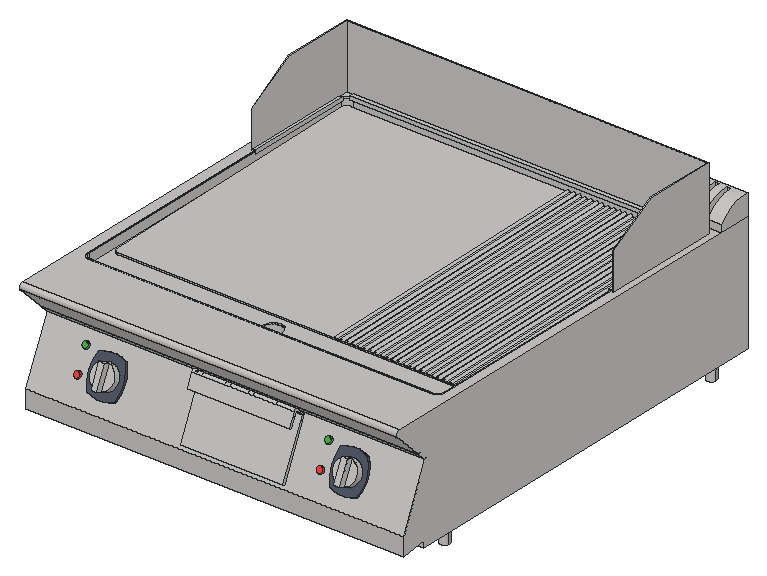
Revit family "QF_ELECTROLUXPROFESSIONAL_391074_E9FTEHCP00", category Specialty Equipment, Revit 2018
Family settings
  Round Connector Dimension = Use Diameter
  Part Type = Normal
  Work Plane-Based = No
  Always vertical = Yes
  Cut with Voids When Loaded = No
  Shared = No
  Room Calculation Point = No
Parameters
  Width = 800 mm  # constant formula
  Weight in Pounds = 105  # constant formula
  Watts = 15000 VA  # 15000 W
  Volts = 400 V  # constant formula
  URL Cutsheet = "www.electrolux.com"
  URL = "www.electrolux.com"
  Type Mark [instance] = ""
  Status [instance] = ""
  Specification by User [instance] = ""
  Specification by Manufacturer = ""
  Show Logo [instance] = yes
  Show Clearance [instance] = yes
  Serial Number = ""
  Seismic Rating = ""
  SMACNA No = ""
  Revision Code [instance] = ""
  Phase = 3
  Omniclass Number and Title = ""
  Number of Poles [instance] = 1
  NAFEM Spec ID Number = ""
  Model = "391074"
  Min Ckt Ampacity = 0 A
  Max Overcurrent Protection = 0 A
  Masterspec = ""
  Manufacturer = "ELECTROLUX"
  Item Number [instance] = ""
  Installed By [instance] = ""
  Identify Quantity as Lot [instance] = yes
  HP = "20.1 HP"
  Furnished By [instance] = ""
  Foodservice Equipment Identifier [instance] = yes
  FL Amps = if(Phase = 3, Watts / (Volts * 1.73), Watts / Volts)  # 21.6763 A
  Electrical Remarks [instance] = "400 V/3N ph/50/60 Hz"  # constant formula
  Electric Connection Type [instance] = ""
  Elec Conn RI Height [instance] = 0 mm
  Elec Conn Connection Height [instance] = 0 mm
  Direct Waste Size = 0"
  Description = "900XP FULL MODULE ELECTRIC FRY TOP, 2/3 SMOOTH - 1/3 RIBBED SLOPED PLATE, CHROMIUM PLATED - 400 V"
  Depth = 930 mm  # constant formula
  Cycle [instance] = if([60 Hertz Option], 60 Hz, 50 Hz)  # 60 Hz
  Conn Plug = ""
  Conn Conduit = yes
  CSI MasterFormat = ""
  CSI Master Format = ""
  Apparent Power = if(Phase = 3, Volts * FL Amps * 1.73, Volts * FL Amps)  # 15000 VA
  60 Hertz Option [instance] = not([50 Hertz Option])  # yes
  50 Hertz Option [instance] = no
Reference planes
  plane 1 "BACK": y = 0
  plane 2: z = 0
  plane 3 "LEFT": x = 0
  plane 4 "RIGHT": x = 800
  plane 5 "FRONT": y = -930
  plane 6 "TOP": z = 275
  plane 7 "Center Y": x = 400
  plane 8 "Center X": y = -465
  plane 9: y = -1045
  plane 10: z = 24
  plane 11: z = 290
  plane 12: z = 410
  plane 13: x = 11
  plane 14: x = 789
  plane 15: x = 740
Forms (mm)
  Extrusion 1, solid, material "QF_Finishes_Stainless Steel"
    sketch origin (0, 0, 0) x (0, 1, 0) y (0, 0, 1)
      loop
        line (0, 275) -> (-922.686, 275)
        arc (-922.686, 275) -> (-929.443, 270.485) -> (-927.858, 262.514) r 7.314
        line (-927.858, 262.514) -> (-873.907, 208.563) -> (-865.773, 208.563) -> (-865.773, 206.447) -> (-871.79, 206.447) -> (-858.907, 193.563) -> (-850.773, 193.563) -> (-850.773, 191.447) -> (-856.79, 191.447) -> (-913.146, 69.003) -> (-913.146, 30.903) -> (-859.774, 36.513) -> (-859.774, 24) -> (0, 24) -> (0, 275)
    from 0 to 800
  Extrusion 2, solid, material "QF_Finishes_Stainless Steel"
    sketch origin (0, 0, 0) x (1, 0, 0) y (0, 1, 0)
      loop
        circle (11, -82) r 9.525
      loop
        circle (11, -790) r 9.525
      loop
        circle (789, -82) r 9.525
      loop
        circle (789, -790) r 9.525
    from 0 to 24
  Extrusion 3, solid, material "QF_Finishes_Stainless Steel"
    sketch origin (635, 190.152, 275) x (0, -1, 0) y (1, 0, 0)
      loop
        line (273.542, 147.97) -> (273.542, -617.97) -> (275.13, -617.97) -> (275.13, 147.97) -> (273.542, 147.97)
    from 0 to 135
  Extrusion 4, void
    sketch origin (0, 0, 275) x (0, -1, 0) y (1, 0, 0)
      loop
        arc (92.539, 37.03) -> (96.932, 26.423) -> (107.539, 22.03) r 15
        line (107.539, 22.03) -> (777.539, 22.03)
        arc (777.539, 22.03) -> (788.145, 26.423) -> (792.539, 37.03) r 15
        line (792.539, 37.03) -> (792.539, 762.97)
        arc (792.539, 762.97) -> (788.145, 773.577) -> (777.539, 777.97) r 15
        line (777.539, 777.97) -> (107.539, 777.97)
        arc (107.539, 777.97) -> (96.932, 773.577) -> (92.539, 762.97) r 15
        line (92.539, 762.97) -> (92.539, 37.03)
    from 0 to -21.588
  Sweep 5, solid, material "QF_Finishes_Stainless Steel"
    path origin (0, 0, 0) x (1, 0, 0) y (0, 1, 0)
      loop
        line (22.03, -107.539) -> (22.03, -777.539)
        arc (22.03, -777.539) -> (26.423, -788.145) -> (37.03, -792.539) r 15
        line (37.03, -792.539) -> (762.97, -792.539)
        arc (762.97, -792.539) -> (773.577, -788.145) -> (777.97, -777.539) r 15
        line (777.97, -777.539) -> (777.97, -107.539)
        arc (777.97, -107.539) -> (773.577, -96.932) -> (762.97, -92.539) r 15
        line (762.97, -92.539) -> (37.03, -92.539)
        arc (37.03, -92.539) -> (26.423, -96.932) -> (22.03, -107.539) r 15
    profile origin (22.03, -442.539, 0) x (1, 0, 0) y (0, 0, 1)
      loop
        line (0, 255) -> (1.588, 255) -> (1.588, 272.855)
        arc (1.588, 272.855) -> (1.147, 274.189) -> (0, 275) r 2.242
        line (0, 275) -> (0, 255)
  Extrusion 6, solid, material "QF_Finishes_Stainless Steel"
    sketch origin (0, 0, 0) x (1, 0, 0) y (0, 0, 1)
      loop
        line (17.03, 275.856) -> (23.926, 275.856) -> (23.926, 270.856) -> (25.514, 270.856) -> (25.514, 277.444) -> (17.03, 277.444) -> (17.03, 275.856)
      loop
        line (782.97, 275.856) -> (782.97, 277.444) -> (774.486, 277.444) -> (774.486, 270.856) -> (776.074, 270.856) -> (776.074, 275.856) -> (782.97, 275.856)
    from 105.541 to 335.39
  Extrusion 7, solid, material "QF_Finishes_Stainless Steel"
    sketch origin (0, 0, 0) x (0, 1, 0) y (0, 0, 1)
      loop
        line (-94.126, 270.856) -> (-94.126, 275.856) -> (-84.978, 275.856) -> (-84.978, 277.444) -> (-95.714, 277.444) -> (-95.714, 270.856) -> (-94.126, 270.856)
    from 32.03 to 767.97
  Extrusion 8, solid, material "QF_Finishes_Stainless Steel"
    sketch origin (0, -101.6, 24) x (-1, 0, 0) y (0, 1, 0)
      loop
        circle (-740, -482.4) r 6.35
    from 0 to 5
  Extrusion 9, solid, material "QF_Clearances", visible <- "Show Clearance", detail levels coarse
    sketch origin (0, 0, 0) x (1, 0, 0) y (0, 1, 0)
      loop
        line (0, 0) -> (800, 0) -> (800, -930) -> (900, -930) -> (900, 100) -> (-100, 100) -> (-100, -930) -> (0, -930) -> (0, 0)
    from 0 to 410
  Extrusion 10, solid, material "QF_Finishes_Stainless Steel"
    sketch origin (0, 0, 0) x (0, 1, 0) y (0, 0, 1)
      loop
        line (-792.539, 255) -> (-792.539, 253.413) -> (-92.539, 253.413) -> (-92.539, 255) -> (-792.539, 255)
    from 22.03 to 777.97
  Extrusion 11, solid, material "QF_Finishes_Stainless Steel"
    sketch origin (445, 0, 0) x (0, 1, 0) y (0, 0, 1)
      loop
        line (-858.205, 188.372) -> (-874.612, 204.778)
        arc (-874.612, 204.778) -> (-879.079, 206.181) -> (-882.783, 203.316) r 5.058
        line (-882.783, 203.316) -> (-895.445, 175.806) -> (-892.561, 174.479) -> (-879.899, 201.989)
        arc (-879.899, 201.989) -> (-878.52, 203.055) -> (-876.857, 202.533) r 1.883
        line (-876.857, 202.533) -> (-862.014, 187.69) -> (-912.848, 77.245) -> (-909.964, 75.918) -> (-858.205, 188.372)
    from -117.029 to 100
  Extrusion 12, solid, material "QF_Door-Drawer Clearances", visible <- "Show Clearance", detail levels coarse
    sketch origin (445, 0, 0) x (0, 1, 0) y (0, 0, 1)
      loop
        line (-1024.713, 174.479) -> (-1012.051, 201.989)
        arc (-1012.051, 201.989) -> (-1010.672, 203.055) -> (-1009.009, 202.533) r 1.883
        line (-1009.009, 202.533) -> (-994.166, 187.69) -> (-1045, 77.245) -> (-1042.116, 75.918) -> (-909.964, 75.918) -> (-858.205, 188.372) -> (-874.612, 204.778)
        arc (-874.612, 204.778) -> (-875.847, 205.685) -> (-877.298, 206.181) r 5.058
        line (-877.298, 206.181) -> (-1011.231, 206.181)
        arc (-1011.231, 206.181) -> (-1013.435, 205.203) -> (-1014.935, 203.316) r 5.058
        line (-1014.935, 203.316) -> (-1027.597, 175.806) -> (-1024.713, 174.479)
    from -117.029 to 100
  Extrusion 13, void
    sketch origin (328.121, 0, 0) x (1, 0, 0) y (0, 1, 0)
      loop
        circle (71.879, -758.736) r 20
    from 235.859 to 256.719
  Extrusion 14, solid, material "QF_Finishes_Stainless Steel"
    sketch origin (0, 0, 0) x (0, 1, 0) y (0, 0, 1)
      loop
        line (-83.39, 410) -> (-235.39, 410) -> (-335.39, 352.265) -> (-335.39, 275) -> (-83.39, 275) -> (-83.39, 410)
    from 15.442 to 17.03
  Extrusion 15, solid, material "QF_Finishes_Navy Blue"
    sketch origin (302.956, -912.449, 70.59) x (0, 0.419232, 0.907879) y (-1, 0, 0)
      loop
        arc (102.26, -332.62) -> (66.843, -325.139) -> (31.333, -332.16) r 90.355
        arc (31.333, -332.16) -> (24.504, -361.269) -> (31.333, -390.378) r 65.456
        arc (31.333, -390.378) -> (66.877, -399.452) -> (102.26, -389.765) r 71.728
        arc (102.26, -389.765) -> (108.852, -361.193) -> (102.26, -332.62) r 65.22
    from 0 to 3.175
  Extrusion 16, solid, material "QF_Finishes_Stainless Steel"
    sketch origin (504.206, -916.163, 70.121) x (0, 0.419232, 0.907879) y (-1, 0, 0)
      loop
        circle (68.826, -160.963) r 25.4
    from 0 to 12.7
  Extrusion 17, solid, material "QF_Finishes_Stainless Steel"
    sketch origin (504.206, -927.693, 75.445) x (0, 0.419232, 0.907879) y (-1, 0, 0)
      loop
        arc (93.558, -166.749) -> (94.226, -160.963) -> (93.558, -155.177) r 25.4
        line (93.558, -155.177) -> (44.094, -155.177)
        arc (44.094, -155.177) -> (43.426, -160.963) -> (44.094, -166.749) r 25.4
        line (44.094, -166.749) -> (93.558, -166.749)
    from 0 to 12.7
  Extrusion 18, solid, material "QF_Finishes_Green"
    sketch origin (316.698, -908.494, 79.155) x (0, 0.419232, 0.907879) y (-1, 0, 0)
      loop
        circle (94.749, -290.848) r 6.35
    from 0 to 3.175
  Extrusion 19, solid, material "QF_Finishes_Red"
    sketch origin (316.698, -930.457, 31.593) x (0, 0.419232, 0.907879) y (-1, 0, 0)
      loop
        circle (95.112, -290.848) r 6.35
    from 0 to 3.175
  Extrusion 20, solid, material "QF_Finishes_Stainless Steel"
    sketch origin (800, 0, 0) x (0, 1, 0) y (0, 0, -1)
      loop
        line (-83.39, -410) -> (-83.39, -275) -> (-335.39, -275) -> (-335.39, -352.265) -> (-235.39, -410) -> (-83.39, -410)
    from 15.442 to 17.03
  Extrusion 21, solid, material "QF_Finishes_Navy Blue"
    sketch origin (-212.044, -912.449, 70.59) x (0, 0.419232, 0.907879) y (-1, 0, 0)
      loop
        arc (102.26, -332.62) -> (66.843, -325.139) -> (31.333, -332.16) r 90.355
        arc (31.333, -332.16) -> (24.504, -361.269) -> (31.333, -390.378) r 65.456
        arc (31.333, -390.378) -> (66.877, -399.452) -> (102.26, -389.765) r 71.728
        arc (102.26, -389.765) -> (108.852, -361.193) -> (102.26, -332.62) r 65.22
    from 0 to 3.175
  Extrusion 22, solid, material "QF_Finishes_Stainless Steel"
    sketch origin (-10.794, -916.163, 70.121) x (0, 0.419232, 0.907879) y (-1, 0, 0)
      loop
        circle (68.826, -160.963) r 25.4
    from 0 to 12.7
  Extrusion 23, solid, material "QF_Finishes_Stainless Steel"
    sketch origin (-10.794, -927.693, 75.445) x (0, 0.419232, 0.907879) y (-1, 0, 0)
      loop
        arc (93.558, -166.749) -> (94.226, -160.963) -> (93.558, -155.177) r 25.4
        line (93.558, -155.177) -> (44.094, -155.177)
        arc (44.094, -155.177) -> (43.426, -160.963) -> (44.094, -166.749) r 25.4
        line (44.094, -166.749) -> (93.558, -166.749)
    from 0 to 12.7
  Extrusion 24, solid, material "QF_Finishes_Green"
    sketch origin (-198.302, -908.494, 79.155) x (0, 0.419232, 0.907879) y (-1, 0, 0)
      loop
        circle (94.749, -290.848) r 6.35
    from 0 to 3.175
  Extrusion 25, solid, material "QF_Finishes_Red"
    sketch origin (-198.302, -930.457, 31.593) x (0, 0.419232, 0.907879) y (-1, 0, 0)
      loop
        circle (95.112, -290.848) r 6.35
    from 0 to 3.175
  Extrusion 26, solid, material "QF_Finishes_Stainless Steel"
    sketch origin (0, 0, -10.038) x (0, 1, 0) y (0, 0, 1)
      loop
        line (0, 285.038) -> (0, 331.738)
        arc (0, 331.738) -> (-38.857, 324.552) -> (-69.85, 300.038) r 82.056
        line (-69.85, 300.038) -> (-69.85, 285.038) -> (0, 285.038)
    from 0 to 400
  Extrusion 27, void
    sketch origin (0, 0, 264.6) x (0, -1, 0) y (1, 0, 0)
      loop
        line (6.761, 29.703) -> (63.911, 29.703) -> (63.911, 38.999) -> (6.761, 38.999) -> (6.761, 29.703)
      loop
        line (63.911, 64.487) -> (6.761, 64.487) -> (6.761, 55.191) -> (63.911, 55.191) -> (63.911, 64.487)
      loop
        line (63.911, 89.975) -> (6.761, 89.975) -> (6.761, 80.68) -> (63.911, 80.68) -> (63.911, 89.975)
      loop
        line (63.911, 115.464) -> (6.761, 115.464) -> (6.761, 106.168) -> (63.911, 106.168) -> (63.911, 115.464)
      loop
        line (63.911, 140.952) -> (6.761, 140.952) -> (6.761, 131.656) -> (63.911, 131.656) -> (63.911, 140.952)
      loop
        line (63.911, 166.44) -> (6.761, 166.44) -> (6.761, 157.145) -> (63.911, 157.145) -> (63.911, 166.44)
      loop
        line (63.911, 191.929) -> (6.761, 191.929) -> (6.761, 182.633) -> (63.911, 182.633) -> (63.911, 191.929)
      loop
        line (63.911, 217.417) -> (6.761, 217.417) -> (6.761, 208.121) -> (63.911, 208.121) -> (63.911, 217.417)
      loop
        line (63.911, 242.905) -> (6.761, 242.905) -> (6.761, 233.61) -> (63.911, 233.61) -> (63.911, 242.905)
      loop
        line (63.911, 268.394) -> (6.761, 268.394) -> (6.761, 259.098) -> (63.911, 259.098) -> (63.911, 268.394)
      loop
        line (63.911, 293.882) -> (6.761, 293.882) -> (6.761, 284.586) -> (63.911, 284.586) -> (63.911, 293.882)
      loop
        line (63.911, 319.37) -> (6.761, 319.37) -> (6.761, 310.075) -> (63.911, 310.075) -> (63.911, 319.37)
      loop
        line (63.911, 344.859) -> (6.761, 344.859) -> (6.761, 335.563) -> (63.911, 335.563) -> (63.911, 344.859)
      loop
        line (63.911, 370.347) -> (6.761, 370.347) -> (6.761, 361.051) -> (63.911, 361.051) -> (63.911, 370.347)
    from 25.4 to 63.5
  Extrusion 28, solid, material "QF_Finishes_Stainless Steel"
    sketch origin (800, 0, -10.038) x (0, 1, 0) y (0, 0, -1)
      loop
        line (0, -285.038) -> (-69.85, -285.038) -> (-69.85, -300.038)
        arc (-69.85, -300.038) -> (-38.857, -324.552) -> (0, -331.738) r 82.056
        line (0, -331.738) -> (0, -285.038)
    from 0 to 400
  Extrusion 29, void
    sketch origin (800, 0, 264.6) x (0, -1, 0) y (1, 0, 0)
      loop
        line (6.761, -29.703) -> (6.761, -38.999) -> (63.911, -38.999) -> (63.911, -29.703) -> (6.761, -29.703)
      loop
        line (63.911, -64.487) -> (63.911, -55.191) -> (6.761, -55.191) -> (6.761, -64.487) -> (63.911, -64.487)
      loop
        line (63.911, -89.975) -> (63.911, -80.68) -> (6.761, -80.68) -> (6.761, -89.975) -> (63.911, -89.975)
      loop
        line (63.911, -115.464) -> (63.911, -106.168) -> (6.761, -106.168) -> (6.761, -115.464) -> (63.911, -115.464)
      loop
        line (63.911, -140.952) -> (63.911, -131.656) -> (6.761, -131.656) -> (6.761, -140.952) -> (63.911, -140.952)
      loop
        line (63.911, -166.44) -> (63.911, -157.145) -> (6.761, -157.145) -> (6.761, -166.44) -> (63.911, -166.44)
      loop
        line (63.911, -191.929) -> (63.911, -182.633) -> (6.761, -182.633) -> (6.761, -191.929) -> (63.911, -191.929)
      loop
        line (63.911, -217.417) -> (63.911, -208.121) -> (6.761, -208.121) -> (6.761, -217.417) -> (63.911, -217.417)
      loop
        line (63.911, -242.905) -> (63.911, -233.61) -> (6.761, -233.61) -> (6.761, -242.905) -> (63.911, -242.905)
      loop
        line (63.911, -268.394) -> (63.911, -259.098) -> (6.761, -259.098) -> (6.761, -268.394) -> (63.911, -268.394)
      loop
        line (63.911, -293.882) -> (63.911, -284.586) -> (6.761, -284.586) -> (6.761, -293.882) -> (63.911, -293.882)
      loop
        line (63.911, -319.37) -> (63.911, -310.075) -> (6.761, -310.075) -> (6.761, -319.37) -> (63.911, -319.37)
      loop
        line (63.911, -344.859) -> (63.911, -335.563) -> (6.761, -335.563) -> (6.761, -344.859) -> (63.911, -344.859)
      loop
        line (63.911, -370.347) -> (63.911, -361.051) -> (6.761, -361.051) -> (6.761, -370.347) -> (63.911, -370.347)
    from 25.4 to 63.5
  Extrusion 30, solid, material "QF_Finishes_Stainless Steel"
    sketch origin (0, 0, 0) x (0, 1, 0) y (0, 0, 1)
      loop
        line (-722.539, 256.999) -> (-722.539, 255) -> (-105.406, 255) -> (-105.406, 265.217) -> (-722.539, 256.999)
    from 32.03 to 767.97
  Sweep 31, solid, material "QF_Finishes_Stainless Steel"
    path origin (1197.595, 30.508, -0.106) x (0, 1, 0) y (0, 0, -1)
      loop
        line (-135.915, -265.323) -> (-752.997, -257.106)
    profile origin (1197.595, -413.948, 261.109) x (0, -0.013315, 0.999911) y (-1, 0, 0)
      loop
        line (0, 662.144) -> (0, 654.391) -> (3.736, 658.268) -> (0, 662.144)
      loop
        line (0, 650.01) -> (0, 642.256) -> (3.736, 646.133) -> (0, 650.01)
      loop
        line (0, 637.875) -> (0, 630.122) -> (3.736, 633.999) -> (0, 637.875)
      loop
        line (0, 625.741) -> (0, 617.987) -> (3.736, 621.864) -> (0, 625.741)
      loop
        line (0, 613.606) -> (0, 605.853) -> (3.736, 609.73) -> (0, 613.606)
      loop
        line (0, 601.472) -> (0, 593.718) -> (3.736, 597.595) -> (0, 601.472)
      loop
        line (0, 589.337) -> (0, 581.584) -> (3.736, 585.46) -> (0, 589.337)
      loop
        line (0, 577.203) -> (0, 569.449) -> (3.736, 573.326) -> (0, 577.203)
      loop
        line (0, 565.068) -> (0, 557.315) -> (3.736, 561.191) -> (0, 565.068)
      loop
        line (0, 552.934) -> (0, 545.18) -> (3.736, 549.057) -> (0, 552.934)
      loop
        line (0, 540.799) -> (0, 533.046) -> (3.736, 536.922) -> (0, 540.799)
      loop
        line (0, 528.665) -> (0, 520.911) -> (3.736, 524.788) -> (0, 528.665)
      loop
        line (0, 516.53) -> (0, 508.777) -> (3.736, 512.653) -> (0, 516.53)
      loop
        line (0, 504.396) -> (0, 496.642) -> (3.736, 500.519) -> (0, 504.396)
      loop
        line (0, 492.261) -> (0, 484.508) -> (3.736, 488.384) -> (0, 492.261)
      loop
        line (0, 480.127) -> (0, 472.373) -> (3.736, 476.25) -> (0, 480.127)
      loop
        line (0, 467.992) -> (0, 460.239) -> (3.736, 464.115) -> (0, 467.992)
      loop
        line (0, 455.857) -> (0, 448.104) -> (3.736, 451.981) -> (0, 455.857)
      loop
        line (0, 443.723) -> (0, 435.969) -> (3.736, 439.846) -> (0, 443.723)
      loop
        line (0, 686.413) -> (0, 678.66) -> (3.736, 682.537) -> (0, 686.413)
      loop
        line (0, 674.279) -> (0, 666.525) -> (3.736, 670.402) -> (0, 674.279)
      loop
        line (0, 698.548) -> (0, 690.794) -> (3.736, 694.671) -> (0, 698.548)
  Extrusion 32, void
    sketch origin (0, 0, 0) x (1, 0, 0) y (0, 1, 0)
      loop
        arc (42.03, -722.539) -> (34.958, -719.61) -> (32.03, -712.539) r 10
        line (32.03, -712.539) -> (32.03, -722.539) -> (42.03, -722.539)
      loop
        line (757.97, -722.539) -> (767.97, -722.539) -> (767.97, -712.539)
        arc (767.97, -712.539) -> (765.042, -719.61) -> (757.97, -722.539) r 10
      loop
        line (42.03, -105.406) -> (32.03, -105.406) -> (32.03, -115.406)
        arc (32.03, -115.406) -> (34.958, -108.335) -> (42.03, -105.406) r 10
      loop
        arc (757.97, -105.406) -> (765.042, -108.335) -> (767.97, -115.406) r 10
        line (767.97, -115.406) -> (767.97, -105.406) -> (757.97, -105.406)
    from 255 to 270.856
Cuts and joins
  Extrusion 4, Extrusion 13 cuts Extrusion 1
  Extrusion 13 cuts Extrusion 10
  joined: Extrusion 3, Extrusion 14, Extrusion 20
  Extrusion 27, Extrusion 29 cuts Extrusion 26
  Extrusion 29 cuts Extrusion 28
  Extrusion 32 cuts Extrusion 30
Lines and regions (mm)
  symbolic lines, style "QF_Clearances", visible <- "Show Clearance", detail levels coarse
    curve 1: line (900, -930, 0) -> (900, 100, 0)
    curve 2: line (900, 100, 0) -> (-100, 100, 0)
    curve 3: line (-100, 100, 0) -> (-100, -930, 0)
  symbolic lines, style "QF_Door-Drawer Clearances"
    curve 4: line (327.971, -930, 0) -> (327.971, -1045, 0)
    curve 5: line (327.971, -1045, 0) -> (545, -1045, 0)
    curve 6: line (545, -930, 0) -> (545, -1045, 0)
  symbolic lines
    curve 7: line (0, -930, 0) -> (800, -930, 0)
    curve 8: line (800, -930, 0) -> (800, 0, 0)
    curve 9: line (800, 0, 0) -> (0, 0, 0)
    curve 10: line (0, 0, 0) -> (0, -930, 0)
    curve 11: line (762.97, -792.539, 0) -> (37.03, -792.539, 0)
    curve 12: arc (37.03, -792.539, 0) -> (26.423, -788.145, 0) -> (22.03, -777.539, 0) r 15
    curve 13: line (22.03, -777.539, 0) -> (22.03, -335.39, 0)
    curve 14: arc (22.163, -105.541, 0) -> (25.387, -98.081, 0) -> (32.03, -93.397, 0) r 15
    curve 15: arc (767.97, -93.397, 0) -> (774.613, -98.081, 0) -> (777.837, -105.541, 0) r 15
    curve 16: line (777.97, -335.39, 0) -> (777.97, -777.539, 0)
    curve 17: arc (777.97, -777.539, 0) -> (773.577, -788.145, 0) -> (762.97, -792.539, 0) r 15
    curve 18: line (757.97, -722.539, 0) -> (42.03, -722.539, 0)
    curve 19: arc (42.03, -722.539, 0) -> (34.958, -719.61, 0) -> (32.03, -712.539, 0) r 10
    curve 20: line (32.03, -712.539, 0) -> (32.03, -115.406, 0)
    curve 21: arc (32.03, -115.406, 0) -> (34.958, -108.335, 0) -> (42.03, -105.406, 0) r 10
    curve 22: line (42.03, -105.406, 0) -> (757.97, -105.406, 0)
    curve 23: arc (757.97, -105.406, 0) -> (765.042, -108.335, 0) -> (767.97, -115.406, 0) r 10
    curve 24: line (767.97, -115.406, 0) -> (767.97, -712.539, 0)
    curve 25: arc (767.97, -712.539, 0) -> (765.042, -719.61, 0) -> (757.97, -722.539, 0) r 10
    curve 26: line (15.442, -83.39, 0) -> (15.442, -335.39, 0)
    curve 27: line (784.558, -83.39, 0) -> (15.442, -83.39, 0)
    curve 28: line (784.558, -335.39, 0) -> (784.558, -83.39, 0)
    curve 29: line (767.97, -95.714, 0) -> (767.97, -83.39, 0)
    curve 30: line (32.03, -95.714, 0) -> (767.97, -95.714, 0)
    curve 31: line (32.03, -83.39, 0) -> (32.03, -95.714, 0)
    curve 32: line (784.558, -105.541, 0) -> (774.486, -105.541, 0)
    curve 33: line (25.514, -335.39, 0) -> (25.514, -105.541, 0)
    curve 34: line (15.442, -335.39, 0) -> (25.514, -335.39, 0)
    curve 35: line (774.486, -105.541, 0) -> (774.486, -335.39, 0)
    curve 36: line (774.486, -335.39, 0) -> (784.558, -335.39, 0)
    curve 37: line (25.514, -105.541, 0) -> (15.442, -105.541, 0)
    curve 38: line (38.999, -6.761, 0) -> (38.999, -63.911, 0)
    curve 39: line (38.999, -63.911, 0) -> (29.703, -63.911, 0)
    curve 40: line (29.703, -63.911, 0) -> (29.703, -6.761, 0)
    curve 41: line (29.703, -6.761, 0) -> (38.999, -6.761, 0)
    curve 42: line (55.191, -63.911, 0) -> (55.191, -6.761, 0)
    curve 43: line (55.191, -6.761, 0) -> (64.487, -6.761, 0)
    curve 44: line (64.487, -6.761, 0) -> (64.487, -63.911, 0)
    curve 45: line (64.487, -63.911, 0) -> (55.191, -63.911, 0)
    curve 46: line (89.975, -6.761, 0) -> (89.975, -63.911, 0)
    curve 47: line (89.975, -63.911, 0) -> (80.68, -63.911, 0)
    curve 48: line (80.68, -63.911, 0) -> (80.68, -6.761, 0)
    curve 49: line (80.68, -6.761, 0) -> (89.975, -6.761, 0)
    curve 50: line (115.464, -6.761, 0) -> (115.464, -63.911, 0)
    curve 51: line (115.464, -63.911, 0) -> (106.168, -63.911, 0)
    curve 52: line (106.168, -63.911, 0) -> (106.168, -6.761, 0)
    curve 53: line (106.168, -6.761, 0) -> (115.464, -6.761, 0)
    curve 54: line (140.952, -6.761, 0) -> (140.952, -63.911, 0)
    curve 55: line (140.952, -63.911, 0) -> (131.656, -63.911, 0)
    curve 56: line (131.656, -63.911, 0) -> (131.656, -6.761, 0)
    curve 57: line (131.656, -6.761, 0) -> (140.952, -6.761, 0)
    curve 58: line (166.44, -6.761, 0) -> (166.44, -63.911, 0)
    curve 59: line (166.44, -63.911, 0) -> (157.145, -63.911, 0)
    curve 60: line (157.145, -63.911, 0) -> (157.145, -6.761, 0)
    curve 61: line (157.145, -6.761, 0) -> (166.44, -6.761, 0)
    curve 62: line (191.929, -6.761, 0) -> (191.929, -63.911, 0)
    curve 63: line (191.929, -63.911, 0) -> (182.633, -63.911, 0)
    curve 64: line (182.633, -63.911, 0) -> (182.633, -6.761, 0)
    curve 65: line (182.633, -6.761, 0) -> (191.929, -6.761, 0)
    curve 66: line (208.121, -63.911, 0) -> (208.121, -6.761, 0)
    curve 67: line (208.121, -6.761, 0) -> (217.417, -6.761, 0)
    curve 68: line (217.417, -6.761, 0) -> (217.417, -63.911, 0)
    curve 69: line (217.417, -63.911, 0) -> (208.121, -63.911, 0)
    curve 70: line (767.97, -83.39, 0) -> (767.97, -95.714, 0)
    curve 71: line (361.001, -6.761, 0) -> (361.001, -63.911, 0)
    curve 72: line (361.001, -63.911, 0) -> (370.297, -63.911, 0)
    curve 73: line (370.297, -63.911, 0) -> (370.297, -6.761, 0)
    curve 74: line (370.297, -6.761, 0) -> (361.001, -6.761, 0)
    curve 75: line (344.809, -63.911, 0) -> (344.809, -6.761, 0)
    curve 76: line (344.809, -6.761, 0) -> (335.513, -6.761, 0)
    curve 77: line (335.513, -6.761, 0) -> (335.513, -63.911, 0)
    curve 78: line (335.513, -63.911, 0) -> (344.809, -63.911, 0)
    curve 79: line (310.025, -6.761, 0) -> (310.025, -63.911, 0)
    curve 80: line (310.025, -63.911, 0) -> (319.32, -63.911, 0)
    curve 81: line (319.32, -63.911, 0) -> (319.32, -6.761, 0)
    curve 82: line (319.32, -6.761, 0) -> (310.025, -6.761, 0)
    curve 83: line (284.536, -6.761, 0) -> (284.536, -63.911, 0)
    curve 84: line (284.536, -63.911, 0) -> (293.832, -63.911, 0)
    curve 85: line (293.832, -63.911, 0) -> (293.832, -6.761, 0)
    curve 86: line (293.832, -6.761, 0) -> (284.536, -6.761, 0)
    curve 87: line (259.048, -6.761, 0) -> (259.048, -63.911, 0)
    curve 88: line (259.048, -63.911, 0) -> (268.344, -63.911, 0)
    curve 89: line (268.344, -63.911, 0) -> (268.344, -6.761, 0)
    curve 90: line (268.344, -6.761, 0) -> (259.048, -6.761, 0)
    curve 91: line (233.56, -6.761, 0) -> (233.56, -63.911, 0)
    curve 92: line (233.56, -63.911, 0) -> (242.855, -63.911, 0)
    curve 93: line (242.855, -63.911, 0) -> (242.855, -6.761, 0)
    curve 94: line (242.855, -6.761, 0) -> (233.56, -6.761, 0)
    curve 95: arc (380, -758.736, 0) -> (400, -738.736, 0) -> (420, -758.736, 0) r 20
    curve 96: arc (380, -758.736, 0) -> (400, -778.736, 0) -> (420, -758.736, 0) r 20
    curve 97: arc (777.837, -105.541, 0) -> (774.613, -98.081, 0) -> (767.97, -93.397, 0) r 15
    curve 98: arc (767.97, -115.406, 0) -> (765.042, -108.335, 0) -> (757.97, -105.406, 0) r 10
    curve 99: line (767.97, -83.39, 0) -> (767.97, -95.714, 0)
    curve 100: line (761.001, -6.761, 0) -> (761.001, -63.911, 0)
    curve 101: line (761.001, -63.911, 0) -> (770.297, -63.911, 0)
    curve 102: line (770.297, -63.911, 0) -> (770.297, -6.761, 0)
    curve 103: line (770.297, -6.761, 0) -> (761.001, -6.761, 0)
    curve 104: line (744.809, -63.911, 0) -> (744.809, -6.761, 0)
    curve 105: line (744.809, -6.761, 0) -> (735.513, -6.761, 0)
    curve 106: line (735.513, -6.761, 0) -> (735.513, -63.911, 0)
    curve 107: line (735.513, -63.911, 0) -> (744.809, -63.911, 0)
    curve 108: line (710.025, -6.761, 0) -> (710.025, -63.911, 0)
    curve 109: line (710.025, -63.911, 0) -> (719.32, -63.911, 0)
    curve 110: line (719.32, -63.911, 0) -> (719.32, -6.761, 0)
    curve 111: line (719.32, -6.761, 0) -> (710.025, -6.761, 0)
    curve 112: line (684.536, -6.761, 0) -> (684.536, -63.911, 0)
    curve 113: line (684.536, -63.911, 0) -> (693.832, -63.911, 0)
    curve 114: line (693.832, -63.911, 0) -> (693.832, -6.761, 0)
    curve 115: line (693.832, -6.761, 0) -> (684.536, -6.761, 0)
    curve 116: line (659.048, -6.761, 0) -> (659.048, -63.911, 0)
    curve 117: line (659.048, -63.911, 0) -> (668.344, -63.911, 0)
    curve 118: line (668.344, -63.911, 0) -> (668.344, -6.761, 0)
    curve 119: line (668.344, -6.761, 0) -> (659.048, -6.761, 0)
    curve 120: line (633.56, -6.761, 0) -> (633.56, -63.911, 0)
    curve 121: line (633.56, -63.911, 0) -> (642.855, -63.911, 0)
    curve 122: line (642.855, -63.911, 0) -> (642.855, -6.761, 0)
    curve 123: line (642.855, -6.761, 0) -> (633.56, -6.761, 0)
    curve 124: line (608.071, -6.761, 0) -> (608.071, -63.911, 0)
    curve 125: line (608.071, -63.911, 0) -> (617.367, -63.911, 0)
    curve 126: line (617.367, -63.911, 0) -> (617.367, -6.761, 0)
    curve 127: line (617.367, -6.761, 0) -> (608.071, -6.761, 0)
    curve 128: line (591.879, -63.911, 0) -> (591.879, -6.761, 0)
    curve 129: line (591.879, -6.761, 0) -> (582.583, -6.761, 0)
    curve 130: line (582.583, -6.761, 0) -> (582.583, -63.911, 0)
    curve 131: line (582.583, -63.911, 0) -> (591.879, -63.911, 0)
    curve 132: line (438.999, -6.761, 0) -> (438.999, -63.911, 0)
    curve 133: line (438.999, -63.911, 0) -> (429.703, -63.911, 0)
    curve 134: line (429.703, -63.911, 0) -> (429.703, -6.761, 0)
    curve 135: line (429.703, -6.761, 0) -> (438.999, -6.761, 0)
    curve 136: line (455.191, -63.911, 0) -> (455.191, -6.761, 0)
    curve 137: line (455.191, -6.761, 0) -> (464.487, -6.761, 0)
    curve 138: line (464.487, -6.761, 0) -> (464.487, -63.911, 0)
    curve 139: line (464.487, -63.911, 0) -> (455.191, -63.911, 0)
    curve 140: line (489.975, -6.761, 0) -> (489.975, -63.911, 0)
    curve 141: line (489.975, -63.911, 0) -> (480.68, -63.911, 0)
    curve 142: line (480.68, -63.911, 0) -> (480.68, -6.761, 0)
    curve 143: line (480.68, -6.761, 0) -> (489.975, -6.761, 0)
    curve 144: line (515.464, -6.761, 0) -> (515.464, -63.911, 0)
    curve 145: line (515.464, -63.911, 0) -> (506.168, -63.911, 0)
    curve 146: line (506.168, -63.911, 0) -> (506.168, -6.761, 0)
    curve 147: line (506.168, -6.761, 0) -> (515.464, -6.761, 0)
    curve 148: line (540.952, -6.761, 0) -> (540.952, -63.911, 0)
    curve 149: line (540.952, -63.911, 0) -> (531.656, -63.911, 0)
    curve 150: line (531.656, -63.911, 0) -> (531.656, -6.761, 0)
    curve 151: line (531.656, -6.761, 0) -> (540.952, -6.761, 0)
    curve 152: line (566.44, -6.761, 0) -> (566.44, -63.911, 0)
    curve 153: line (566.44, -63.911, 0) -> (557.145, -63.911, 0)
    curve 154: line (557.145, -63.911, 0) -> (557.145, -6.761, 0)
    curve 155: line (557.145, -6.761, 0) -> (566.44, -6.761, 0)
    curve 156: line (757.749, -722.539, 0) -> (757.749, -105.456, 0)
    curve 157: line (745.614, -722.539, 0) -> (745.614, -105.406, 0)
    curve 158: line (733.48, -722.539, 0) -> (733.48, -105.406, 0)
    curve 159: line (721.345, -722.539, 0) -> (721.345, -105.406, 0)
    curve 160: line (709.211, -722.539, 0) -> (709.211, -105.406, 0)
    curve 161: line (697.076, -722.539, 0) -> (697.076, -105.406, 0)
    curve 162: line (684.942, -722.539, 0) -> (684.942, -105.406, 0)
    curve 163: line (672.807, -722.539, 0) -> (672.807, -105.406, 0)
    curve 164: line (660.673, -722.539, 0) -> (660.673, -105.406, 0)
    curve 165: line (648.538, -722.539, 0) -> (648.538, -105.406, 0)
    curve 166: line (636.404, -722.539, 0) -> (636.404, -105.406, 0)
    curve 167: line (624.269, -722.539, 0) -> (624.269, -105.406, 0)
    curve 168: line (612.135, -722.539, 0) -> (612.135, -105.406, 0)
    curve 169: line (600, -722.539, 0) -> (600, -105.406, 0)
    curve 170: line (587.865, -722.539, 0) -> (587.865, -105.406, 0)
    curve 171: line (575.731, -722.539, 0) -> (575.731, -105.406, 0)
    curve 172: line (563.596, -722.539, 0) -> (563.596, -105.406, 0)
    curve 173: line (551.462, -722.539, 0) -> (551.462, -105.406, 0)
    curve 174: line (539.327, -722.539, 0) -> (539.327, -105.406, 0)
    curve 175: line (527.193, -722.539, 0) -> (527.193, -105.406, 0)
    curve 176: line (515.058, -722.539, 0) -> (515.058, -105.406, 0)
    curve 177: line (502.924, -722.539, 0) -> (502.924, -105.406, 0)
    curve 178: line (0, -69.85, 0) -> (800, -69.85, 0)
    curve 179: line (400, -69.85, 0) -> (400, 0, 0)
Dimensions and locks
  equal spacing: plane 3 "LEFT", plane 7 "Center Y", plane 4 "RIGHT"
  "Width": plane 3 "LEFT" to plane 4 "RIGHT"
  equal spacing: plane 5 "FRONT", plane 8 "Center X", plane 1 "BACK"
  "Depth": plane 5 "FRONT" to plane 1 "BACK"
  plane 6 "TOP" to level = 275 mm
  plane 1 "BACK" to plane 9 = 1045 mm  (x2)
  plane 10 to level = 24 mm  (x2)
  plane 11 to plane 10 = 266 mm
  plane 6 "TOP" to plane 10 = 251 mm
  plane 12 to level = 410 mm  (x2)
  plane 12 to plane 10 = 386 mm  (x2)
  plane 13 to plane 3 "LEFT" = 11 mm
  locked: plane 14 to plane 4 "RIGHT" at 11
  plane 1 "BACK" to plane 5 "FRONT" = 930 mm
  plane 1 "BACK" to Extrusion 8 = 584 mm
  plane 1 "BACK" to Extrusion 2 to Extrusion 2 to plane 5 "FRONT" = 82 mm, 708 mm, 140 mm
  plane 13 to plane 14 = 778 mm
  Extrusion 8 sketch curve to plane 4 "RIGHT" = 60 mm
  Extrusion 8 sketch curve to plane 1 "BACK" = 584 mm
  plane 15 to plane 4 "RIGHT" = 60 mm
  curve 3 to plane 3 "LEFT" = 100 mm
  plane 4 "RIGHT" to curve 1 = 100 mm
  curve 2 to plane 1 "BACK" = 100 mm
  aligned and locked: level to plane 2
  aligned and locked: Extrusion 1 to plane 4 "RIGHT"
Automatic sketch dimensions
  Extrusion 1 sketch curve to plane 6 "TOP" = 0 mm
  Extrusion 1 sketch curve to plane 10 = 0 mm
  Extrusion 1 sketch curve to plane 1 "BACK" = 0 mm
  Extrusion 1 sketch curve to plane 5 "FRONT" = 79.227 mm
  Extrusion 1 sketch curve to Extrusion 1 sketch curve = 6.017 mm  (x2)
  Extrusion 1 sketch curve to Extrusion 1 sketch curve = 2.117 mm  (x4)
  plane 10 to Extrusion 1 sketch curve = 12.513 mm
  Extrusion 1 sketch curve to plane 5 "FRONT" = 70.226 mm
  Extrusion 1 sketch curve to Extrusion 1 sketch curve = 6.866 mm
  Extrusion 1 sketch curve to plane 5 "FRONT" = 16.854 mm
  Extrusion 1 sketch curve to plane 5 "FRONT" = 7.314 mm
  Extrusion 1 sketch curve to plane 5 "FRONT" = 2.142 mm
  plane 10 to Extrusion 1 sketch curve = 6.903 mm
  Extrusion 1 sketch curve to Extrusion 1 sketch curve = 38.1 mm
  Extrusion 1 sketch curve to plane 6 "TOP" = 83.553 mm
  Extrusion 1 sketch curve to Extrusion 1 sketch curve = 12.883 mm
  Extrusion 1 sketch curve to plane 6 "TOP" = 12.486 mm
  Extrusion 2 sketch curve to plane 13 = 0 mm  (x2)
  Extrusion 2 sketch curve to plane 14 = 0 mm  (x2)
  Extrusion 2 sketch curve to plane 5 "FRONT" = 140 mm  (x2)
  plane 1 "BACK" to Extrusion 2 sketch curve = 82 mm  (x2)
  plane 13 to Sweep 5 sketch curve = 11.03 mm
  Sweep 5 sketch curve to Sweep 5 sketch curve = 15 mm  (x2)
  plane 14 to Sweep 5 sketch curve = 26.03 mm  (x2)
  plane 14 to Sweep 5 sketch curve = 11.03 mm
  Sweep 5 sketch curve to plane 5 "FRONT" = 137.461 mm
  plane 1 "BACK" to Sweep 5 sketch curve = 107.539 mm
  profile plane to Sweep 5 sketch curve = 0 mm
  profile plane to Sweep 5 sketch curve = 0.655 mm
  Sweep 5 sketch curve to profile plane = 1.588 mm
  level to Sweep 5 sketch curve = 255 mm
  Sweep 5 sketch curve to Sweep 5 sketch curve = 17.855 mm
  plane 6 "TOP" to Extrusion 6 sketch curve = 0.856 mm  (x2)
  plane 13 to Extrusion 6 sketch curve = 6.03 mm
  Extrusion 6 sketch curve to plane 6 "TOP" = 4.144 mm  (x2)
  Extrusion 6 sketch curve to Extrusion 6 sketch curve = 6.896 mm
  Extrusion 6 sketch curve to Extrusion 6 sketch curve = 1.588 mm  (x3)
  plane 14 to Extrusion 6 sketch curve = 14.514 mm
  plane 6 "TOP" to Extrusion 6 sketch curve = 2.444 mm
  plane 14 to Extrusion 6 sketch curve = 6.03 mm
  plane 6 "TOP" to Extrusion 7 sketch curve = 2.444 mm
  plane 1 "BACK" to Extrusion 7 sketch curve = 95.714 mm
  Extrusion 7 sketch curve to Extrusion 7 sketch curve = 1.588 mm
  Extrusion 7 sketch curve to Extrusion 7 sketch curve = 9.149 mm
  plane 6 "TOP" to Extrusion 7 sketch curve = 0.856 mm
  Extrusion 7 sketch curve to plane 6 "TOP" = 4.144 mm
  Extrusion 10 sketch curve to plane 6 "TOP" = 21.587 mm
  Extrusion 10 sketch curve to plane 5 "FRONT" = 137.461 mm
  plane 1 "BACK" to Extrusion 10 sketch curve = 92.539 mm
  Extrusion 10 sketch curve to Extrusion 10 sketch curve = 1.588 mm
  Extrusion 11 sketch curve to Extrusion 11 sketch curve = 0 mm  (x2)
  Extrusion 11 sketch curve to plane 5 "FRONT" = 17.152 mm
  Extrusion 11 sketch curve to Extrusion 11 sketch curve = 2.884 mm  (x3)
  Extrusion 11 sketch curve to plane 5 "FRONT" = 34.555 mm
  Extrusion 11 sketch curve to Extrusion 11 sketch curve = 12.662 mm
  Extrusion 11 sketch curve to Extrusion 11 sketch curve = 1.711 mm
  Extrusion 11 sketch curve to Extrusion 11 sketch curve = 1.332 mm
  Extrusion 11 sketch curve to Extrusion 11 sketch curve = 2.245 mm
  Extrusion 11 sketch curve to Extrusion 11 sketch curve = 14.843 mm
  Extrusion 11 sketch curve to Extrusion 11 sketch curve = 3.809 mm
  plane 10 to Extrusion 11 sketch curve = 51.918 mm
  Extrusion 11 sketch curve to Extrusion 11 sketch curve = 1.327 mm  (x2)
  Extrusion 11 sketch curve to Extrusion 11 sketch curve = 13.211 mm
  Extrusion 11 sketch curve to Extrusion 11 sketch curve = 0.787 mm
  Extrusion 12 sketch curve to Extrusion 12 sketch curve = 0 mm  (x2)
  Extrusion 12 sketch curve to plane 9 = 0 mm
  plane 9 to Extrusion 12 sketch curve = 2.884 mm
  plane 9 to Extrusion 12 sketch curve = 17.403 mm
  Extrusion 12 sketch curve to Extrusion 12 sketch curve = 2.884 mm  (x2)
  plane 9 to Extrusion 12 sketch curve = 30.065 mm
  Extrusion 12 sketch curve to Extrusion 12 sketch curve = 0.82 mm
  Extrusion 12 sketch curve to Extrusion 12 sketch curve = 1.711 mm
  Extrusion 12 sketch curve to Extrusion 12 sketch curve = 1.332 mm
  Extrusion 12 sketch curve to Extrusion 12 sketch curve = 14.843 mm
  Extrusion 12 sketch curve to plane 5 "FRONT" = 20.036 mm
  Extrusion 12 sketch curve to plane 5 "FRONT" = 51.812 mm
  Extrusion 12 sketch curve to Extrusion 12 sketch curve = 0.891 mm
  Extrusion 12 sketch curve to Extrusion 12 sketch curve = 2.686 mm
  Extrusion 12 sketch curve to Extrusion 12 sketch curve = 16.406 mm
  plane 10 to Extrusion 12 sketch curve = 51.918 mm
  Extrusion 12 sketch curve to Extrusion 12 sketch curve = 1.327 mm  (x2)
  Extrusion 12 sketch curve to Extrusion 12 sketch curve = 13.211 mm
  Extrusion 12 sketch curve to plane 6 "TOP" = 86.628 mm
  Extrusion 12 sketch curve to Extrusion 12 sketch curve = 0.787 mm
  Extrusion 12 sketch curve to Extrusion 12 sketch curve = 4.979 mm
  Extrusion 13 sketch curve to plane 7 "Center Y" = 0 mm
  Extrusion 13 sketch curve to plane 5 "FRONT" = 171.264 mm
  Extrusion 14 sketch curve to plane 6 "TOP" = 0 mm
  Extrusion 14 sketch curve to plane 12 = 0 mm
  Extrusion 14 sketch curve to plane 12 = 57.735 mm
  plane 8 "Center X" to Extrusion 14 sketch curve = 129.61 mm
  Extrusion 14 sketch curve to Extrusion 14 sketch curve = 100 mm
  plane 1 "BACK" to Extrusion 14 sketch curve = 83.39 mm
  plane 14 to Extrusion 15 sketch curve = 153.884 mm
  Extrusion 15 sketch curve to Extrusion 15 sketch curve = 0 mm
  Extrusion 15 sketch curve to Extrusion 15 sketch curve = 12.3 mm  (x3)
  Extrusion 15 sketch curve to Extrusion 15 sketch curve = 34.925 mm  (x2)
  Extrusion 15 sketch curve to Extrusion 15 sketch curve = 23.703 mm
  Extrusion 15 sketch curve to Extrusion 15 sketch curve = 0.46 mm
  Extrusion 15 sketch curve to Extrusion 15 sketch curve = 29.032 mm
  Extrusion 15 sketch curve to Extrusion 15 sketch curve = 28.496 mm
  Extrusion 17 sketch curve to Extrusion 17 sketch curve = 24.732 mm
  Extrusion 17 sketch curve to Extrusion 17 sketch curve = 0 mm
  plane 14 to Extrusion 18 sketch curve = 181.454 mm
  plane 14 to Extrusion 19 sketch curve = 181.454 mm
  Extrusion 20 sketch curve to plane 6 "TOP" = 0 mm
  Extrusion 20 sketch curve to plane 12 = 0 mm
  Extrusion 20 sketch curve to plane 12 = 57.735 mm
  plane 8 "Center X" to Extrusion 20 sketch curve = 129.61 mm
  Extrusion 20 sketch curve to Extrusion 20 sketch curve = 100 mm
  plane 1 "BACK" to Extrusion 20 sketch curve = 83.39 mm
  plane 13 to Extrusion 21 sketch curve = 109.116 mm
  Extrusion 21 sketch curve to Extrusion 21 sketch curve = 0 mm
  Extrusion 21 sketch curve to Extrusion 21 sketch curve = 12.3 mm  (x3)
  Extrusion 21 sketch curve to Extrusion 21 sketch curve = 34.925 mm  (x2)
  Extrusion 21 sketch curve to Extrusion 21 sketch curve = 23.703 mm
  Extrusion 21 sketch curve to Extrusion 21 sketch curve = 0.46 mm
  Extrusion 21 sketch curve to Extrusion 21 sketch curve = 29.032 mm
  Extrusion 21 sketch curve to Extrusion 21 sketch curve = 28.496 mm
  Extrusion 23 sketch curve to Extrusion 23 sketch curve = 24.732 mm
  Extrusion 23 sketch curve to Extrusion 23 sketch curve = 0 mm
  plane 13 to Extrusion 24 sketch curve = 81.546 mm
  plane 13 to Extrusion 25 sketch curve = 81.546 mm
  Extrusion 26 sketch curve to plane 6 "TOP" = 0 mm
  Extrusion 26 sketch curve to plane 11 = 0 mm
  Extrusion 26 sketch curve to plane 1 "BACK" = 0 mm
  plane 1 "BACK" to Extrusion 26 sketch curve = 4.947 mm
  plane 1 "BACK" to Extrusion 26 sketch curve = 69.85 mm
  Extrusion 26 sketch curve to plane 6 "TOP" = 35.207 mm
  plane 1 "BACK" to Extrusion 27 sketch curve = 6.761 mm  (x14)
  Extrusion 27 sketch curve to Extrusion 27 sketch curve = 57.15 mm
  Extrusion 27 sketch curve to Extrusion 27 sketch curve = 0 mm  (x13)
  plane 13 to Extrusion 27 sketch curve = 18.703 mm
  Extrusion 27 sketch curve to Extrusion 27 sketch curve = 9.296 mm  (x14)
  Extrusion 27 sketch curve to Extrusion 27 sketch curve = 16.193 mm  (x13)
  Extrusion 28 sketch curve to plane 6 "TOP" = 0 mm
  Extrusion 28 sketch curve to plane 11 = 0 mm
  Extrusion 28 sketch curve to plane 1 "BACK" = 0 mm
  plane 1 "BACK" to Extrusion 28 sketch curve = 4.947 mm
  plane 1 "BACK" to Extrusion 28 sketch curve = 69.85 mm
  Extrusion 28 sketch curve to Extrusion 28 sketch curve = 46.7 mm
  plane 1 "BACK" to Extrusion 29 sketch curve = 6.761 mm  (x14)
  Extrusion 29 sketch curve to Extrusion 29 sketch curve = 57.15 mm
  Extrusion 29 sketch curve to Extrusion 29 sketch curve = 0 mm  (x13)
  plane 7 "Center Y" to Extrusion 29 sketch curve = 29.653 mm
  Extrusion 29 sketch curve to Extrusion 29 sketch curve = 9.296 mm  (x14)
  Extrusion 29 sketch curve to Extrusion 29 sketch curve = 16.193 mm  (x13)
  Extrusion 30 sketch curve to plane 6 "TOP" = 20 mm
  Extrusion 30 sketch curve to plane 5 "FRONT" = 207.461 mm
  Extrusion 30 sketch curve to plane 6 "TOP" = 9.783 mm
  plane 1 "BACK" to Extrusion 30 sketch curve = 105.406 mm
  Extrusion 30 sketch curve to Extrusion 30 sketch curve = 1.999 mm
  Sweep 31 sketch curve to plane 6 "TOP" = 18 mm
  Sweep 31 sketch curve to plane 5 "FRONT" = 207.511 mm
  Sweep 31 sketch curve to plane 6 "TOP" = 9.783 mm
  plane 1 "BACK" to Sweep 31 sketch curve = 105.406 mm
  profile plane to Sweep 31 sketch curve = 0 mm  (x22)
  Sweep 31 sketch curve to profile plane = 3.736 mm  (x22)
  profile plane to Sweep 31 sketch curve = 435.969 mm
  Sweep 31 sketch curve to Sweep 31 sketch curve = 3.877 mm  (x44)
  Sweep 31 sketch curve to Sweep 31 sketch curve = 4.381 mm  (x21)
  Extrusion 1 to Extrusion 3 sketch curve = 17.03 mm  (x2)
  Extrusion 1 to Extrusion 3 sketch curve = 83.39 mm
  Extrusion 3 sketch curve to Extrusion 3 sketch curve = 1.588 mm
  Extrusion 1 to Extrusion 4 sketch curve = 37.03 mm
  Extrusion 1 to Extrusion 4 sketch curve = 92.539 mm
  Extrusion 4 sketch curve to Extrusion 4 sketch curve = 15 mm  (x3)
  Extrusion 1 to Extrusion 4 sketch curve = 145.147 mm  (x2)
  Extrusion 1 to Extrusion 4 sketch curve = 22.03 mm
  plane 5 "FRONT" to Extrusion 9 sketch curve = 0 mm  (x2)
  Extrusion 9 sketch curve to plane 3 "LEFT" = 0 mm
  Extrusion 9 sketch curve to plane 4 "RIGHT" = 0 mm
  plane 1 "BACK" to Extrusion 9 sketch curve = 0 mm
  Extrusion 9 sketch curve to plane 3 "LEFT" = 100 mm
  Extrusion 9 sketch curve to plane 4 "RIGHT" = 100 mm
  Extrusion 9 sketch curve to plane 1 "BACK" = 100 mm
  plane 13 to Extrusion 32 sketch curve = 21.03 mm  (x2)
  Extrusion 32 sketch curve to Extrusion 32 sketch curve = 0 mm  (x15)
  Extrusion 32 sketch curve to Extrusion 32 sketch curve = 10 mm  (x5)
  plane 14 to Extrusion 32 sketch curve = 31.03 mm  (x2)
  Extrusion 32 sketch curve to plane 5 "FRONT" = 207.461 mm  (x2)
  plane 1 "BACK" to Extrusion 32 sketch curve = 115.406 mm  (x2)
  curve 15 to curve 97 = 0 mm  (x3)
  curve 178 to plane 3 "LEFT" = 0 mm
  curve 5 to plane 9 = 0 mm
  plane 5 "FRONT" to curve 4 = 0 mm
  curve 95 to plane 7 "Center Y" = 0 mm
  curve 179 to plane 7 "Center Y" = 0 mm
  curve 8 to plane 4 "RIGHT" = 0 mm
  plane 5 "FRONT" to curve 3 = 0 mm
  plane 5 "FRONT" to curve 1 = 0 mm
  plane 1 "BACK" to curve 179 = 0 mm
  plane 13 to curve 37 = 4.442 mm
  plane 13 to curve 13 = 11.03 mm
  curve 37 to curve 14 = 6.721 mm
  curve 14 to curve 33 = 3.351 mm
  plane 13 to curve 39 = 18.703 mm
  curve 33 to curve 31 = 6.516 mm
  curve 33 to curve 20 = 6.516 mm
  curve 20 to curve 14 = 5 mm
  curve 12 to curve 12 = 15 mm
  curve 39 to curve 38 = 9.296 mm
  curve 19 to curve 19 = 10 mm
  curve 14 to curve 21 = 5 mm
  curve 38 to curve 45 = 16.193 mm
  curve 42 to curve 44 = 9.296 mm
  plane 1 "BACK" to curve 48 = 6.761 mm
  curve 43 to curve 48 = 16.193 mm
  curve 47 to curve 47 = 9.296 mm
  plane 1 "BACK" to curve 52 = 6.761 mm
  curve 46 to curve 52 = 16.193 mm
  curve 52 to curve 50 = 9.296 mm
  curve 50 to curve 55 = 16.193 mm
  curve 55 to curve 54 = 9.296 mm
  curve 54 to curve 60 = 16.193 mm
  curve 60 to curve 61 = 9.296 mm
  plane 1 "BACK" to curve 64 = 6.761 mm
  curve 58 to curve 64 = 16.193 mm
  curve 64 to curve 62 = 9.296 mm
  curve 62 to curve 66 = 16.193 mm
  curve 66 to curve 68 = 9.296 mm
  curve 68 to curve 92 = 16.143 mm
  curve 91 to curve 92 = 9.296 mm
  curve 92 to curve 88 = 16.193 mm
  curve 87 to curve 89 = 9.296 mm
  curve 88 to curve 83 = 16.193 mm
  curve 83 to curve 86 = 9.296 mm
  curve 84 to curve 80 = 16.193 mm
  curve 79 to curve 82 = 9.296 mm
  curve 5 to plane 7 "Center Y" = 72.029 mm
  plane 1 "BACK" to curve 76 = 6.761 mm
  curve 81 to curve 76 = 16.193 mm
  curve 76 to curve 76 = 9.296 mm
  plane 1 "BACK" to curve 74 = 6.761 mm
  curve 75 to curve 74 = 16.193 mm
  curve 71 to curve 72 = 9.296 mm
  curve 96 to plane 7 "Center Y" = 20 mm
  plane 1 "BACK" to curve 135 = 6.761 mm
  plane 7 "Center Y" to curve 135 = 29.703 mm
  curve 133 to curve 133 = 9.296 mm
  plane 1 "BACK" to curve 136 = 6.761 mm
  curve 132 to curve 136 = 16.193 mm
  curve 136 to curve 139 = 9.296 mm
  plane 1 "BACK" to curve 142 = 6.761 mm
  curve 137 to curve 142 = 16.193 mm
  curve 141 to curve 141 = 9.296 mm
  curve 140 to curve 177 = 12.949 mm
  curve 140 to curve 146 = 16.193 mm
  curve 177 to curve 176 = 12.135 mm
  curve 145 to curve 144 = 9.296 mm
  curve 176 to curve 175 = 12.135 mm
  plane 1 "BACK" to curve 151 = 6.761 mm
  curve 144 to curve 151 = 16.193 mm
  curve 175 to curve 174 = 12.135 mm
  curve 149 to curve 149 = 9.296 mm
  plane 7 "Center Y" to curve 6 = 145 mm
  curve 174 to curve 173 = 12.135 mm
  curve 148 to curve 154 = 16.193 mm
  curve 173 to curve 172 = 12.135 mm
  curve 153 to curve 153 = 9.296 mm
  curve 172 to curve 171 = 12.135 mm
  plane 1 "BACK" to curve 129 = 6.761 mm
  curve 152 to curve 129 = 16.143 mm
  curve 171 to curve 170 = 12.135 mm
  curve 130 to curve 128 = 9.296 mm
  curve 170 to curve 169 = 12.135 mm
  curve 128 to curve 125 = 16.193 mm
  curve 169 to curve 168 = 12.135 mm
  curve 124 to curve 126 = 9.296 mm
  curve 168 to curve 167 = 12.135 mm
  curve 125 to curve 121 = 16.193 mm
  curve 167 to curve 166 = 12.135 mm
  curve 120 to curve 121 = 9.296 mm
  curve 166 to curve 165 = 12.135 mm
  curve 121 to curve 117 = 16.193 mm
  curve 165 to curve 164 = 12.135 mm
  curve 116 to curve 118 = 9.296 mm
  curve 164 to curve 163 = 12.135 mm
  plane 1 "BACK" to curve 115 = 6.761 mm
  curve 118 to curve 115 = 16.193 mm
  curve 163 to curve 162 = 12.135 mm
  curve 112 to curve 115 = 9.296 mm
  curve 162 to curve 161 = 12.135 mm
  curve 161 to curve 160 = 12.135 mm
  plane 1 "BACK" to curve 108 = 6.761 mm
  curve 114 to curve 108 = 16.193 mm
  curve 108 to curve 109 = 9.296 mm
  curve 160 to curve 159 = 12.135 mm
  plane 15 to curve 158 = 6.52 mm
  plane 15 to curve 105 = 4.487 mm
  curve 104 to plane 15 = 4.809 mm
  curve 157 to plane 15 = 5.614 mm
  curve 157 to curve 156 = 12.135 mm
  curve 156 to curve 98 = 0.222 mm
  curve 156 to curve 25 = 0.222 mm
  plane 1 "BACK" to curve 103 = 6.761 mm
  curve 104 to curve 103 = 16.193 mm
  curve 11 to plane 15 = 22.97 mm
  curve 22 to curve 97 = 5 mm
  curve 100 to curve 70 = 6.969 mm
  curve 25 to curve 25 = 10 mm
  curve 100 to curve 102 = 9.296 mm
  curve 15 to curve 32 = 11.516 mm
  curve 32 to curve 97 = 3.351 mm
  plane 14 to curve 16 = 11.03 mm
  plane 14 to curve 27 = 4.442 mm
  curve 11 to plane 5 "FRONT" = 137.461 mm
  curve 96 to plane 5 "FRONT" = 171.264 mm
  curve 17 to curve 166 = 55 mm
  curve 156 to curve 18 = 0 mm
  plane 8 "Center X" to curve 16 = 129.61 mm
  plane 8 "Center X" to curve 34 = 129.61 mm
  curve 97 to curve 22 = 2.133 mm
  curve 14 to curve 21 = 2.133 mm
  curve 20 to curve 37 = 9.865 mm
  curve 15 to curve 32 = 1.998 mm
  curve 156 to curve 23 = 0.05 mm
  curve 99 to curve 97 = 2.318 mm
  curve 15 to curve 27 = 10.007 mm
  curve 179 to curve 134 = 63.089 mm
  curve 27 to curve 178 = 13.54 mm
  curve 62 to curve 62 = 57.15 mm
  curve 62 to curve 66 = 0 mm
  curve 31 to curve 38 = 19.479 mm
  curve 60 to curve 63 = 0 mm
  curve 179 to curve 72 = 5.939 mm
  curve 38 to curve 42 = 0 mm
  curve 75 to curve 71 = 0 mm
  curve 44 to curve 46 = 0 mm
  curve 79 to curve 77 = 0 mm
  curve 173 to curve 154 = 41.495 mm
  curve 83 to curve 79 = 0 mm
  curve 150 to curve 153 = 0 mm
  curve 55 to curve 59 = 0 mm
  curve 87 to curve 83 = 0 mm
  curve 146 to curve 149 = 0 mm
  curve 68 to curve 91 = 0 mm
  curve 142 to curve 145 = 0 mm
  curve 46 to curve 52 = 0 mm
  curve 139 to curve 141 = 0 mm
  curve 29 to curve 100 = 19.479 mm
  curve 134 to curve 136 = 0 mm
  curve 104 to curve 100 = 0 mm
  curve 152 to curve 131 = 0 mm
  curve 108 to curve 106 = 0 mm
  curve 128 to curve 126 = 0 mm
  curve 112 to curve 108 = 0 mm
  curve 125 to curve 122 = 0 mm
  curve 121 to curve 116 = 0 mm
  plane 1 "BACK" to curve 119 = 6.761 mm
  plane 1 "BACK" to curve 120 = 6.761 mm
  plane 1 "BACK" to curve 124 = 6.761 mm
  plane 1 "BACK" to curve 106 = 6.761 mm
  plane 1 "BACK" to curve 54 = 6.761 mm
  plane 1 "BACK" to curve 144 = 6.761 mm
  plane 1 "BACK" to curve 94 = 6.761 mm
  plane 1 "BACK" to curve 90 = 6.761 mm
  plane 1 "BACK" to curve 86 = 6.761 mm
  plane 1 "BACK" to curve 152 = 6.761 mm
  plane 1 "BACK" to curve 82 = 6.761 mm
  plane 1 "BACK" to curve 44 = 6.761 mm
  plane 1 "BACK" to curve 41 = 6.761 mm
  plane 1 "BACK" to curve 68 = 6.761 mm
  plane 1 "BACK" to curve 61 = 6.761 mm
  radius of Extrusion 2 sketch curve = 9.525 mm  (x4)
  radius of Extrusion 13 sketch curve = 20 mm
  radius of Extrusion 16 sketch curve = 25.4 mm
  radius of Extrusion 17 sketch curve to Extrusion 16 = 0 mm  (x2)
  radius of Extrusion 18 sketch curve = 6.35 mm
  radius of Extrusion 19 sketch curve = 6.35 mm
  radius of Extrusion 22 sketch curve = 25.4 mm
  radius of Extrusion 23 sketch curve to Extrusion 22 = 0 mm  (x2)
  radius of Extrusion 24 sketch curve = 6.35 mm
  radius of Extrusion 25 sketch curve = 6.35 mm
  radius of Extrusion 8 sketch curve = 6.35 mm
Connectors
  electrical at (740, -584, 19), driven by "Volts", driven by "Watts"
    settings: on Extrusion 8, index 1, voltage 400 V, apparent load 15000 VA, apparent load phase1 0 VA, apparent load phase2 0 VA, apparent load phase3 0 VA, power factor 1, load classification "Other", number of poles 1, system type 30, power factor state 1, is connector primary yes, connector utility no, sub classification motor no, connector description "ELECTRICAL CONNECTION"
